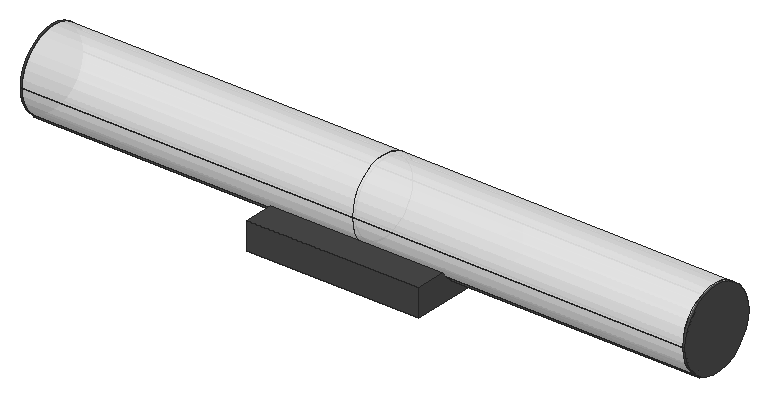
Revit family "3-5012-xx - Fugit (Vanity)", category Lighting Fixtures, host Face, Revit 2017
Family settings
  Host = Face
  Round Connector Dimension = Use Diameter
  Part Type = Normal
  Cut with Voids When Loaded = No
  Light Source = Yes
  Shared = No
  Room Calculation Point = No
Parameters (values of type "3-5012-15 - Fugit")
  Wattage Comments = "21.8W at 120 V"  # constant formula
  Wattage = 21.8 W
  built-in parameter 1150110 = 1 (stored number, unit not read)
  Voltage Input [instance] = "120 V or 277 V - 50/60 Hz"  # constant formula
  URL = "www.oxygenlighting.com"
  built-in parameter 1114217 = 1 (stored number, unit not read)
  Tilt Angle = 180.00°  # constant formula
  built-in parameter 1150109 = 1 (stored number, unit not read)
  built-in parameter 1150134 = (empty or 0)
  built-in parameter 1150113 = 1 (stored number, unit not read)
  References [instance] = "Ref. 3 = 120 V / Ref. 37 = 277 V"  # constant formula
  Photometric Web File = "3-5012 Fugit.ies"
  Other 2 = none
  Other 1 = none
  Model = "3-5012-XX - Fugit"  # constant formula
  Metal Finish = 15 - Black
  Manufacturer = "Oxygen - Lighting & Fans"  # constant formula
  Main Diffuser = Matte White Acrylic
  built-in parameter 1150105 = 119.7 (stored number, unit not read)
  Lumens = 1504.2 lm
  built-in parameter 1150115 = 1 (stored number, unit not read)
  built-in parameter 1150137 = (empty or 0)
  built-in parameter 1150139 = (empty or 0)
  built-in parameter 1150112 = 1 (stored number, unit not read)
  built-in parameter 1150114 = 1 (stored number, unit not read)
  Lamp = "LED Array"  # constant formula
  built-in parameter 1150132 = (empty or 0)
  built-in parameter 1150102 = (empty or 0)
  built-in parameter 1150107 = 3000 (stored number, unit not read)
  built-in parameter 1150138 = (empty or 0)
  built-in parameter 1150106 = 1.197 (stored number, unit not read)
  Emit from Rectangle Width = 22.00"  # constant formula
  built-in parameter 1150128 = 1.00"  # constant formula
  Emit Shape Visible in Rendering = no
  built-in parameter 1150104 = 6.4103 (stored number, unit not read)
  Dimming Lamp Color Temperature Shift = <None>
  Default Elevation = 0.00"
  Color Filter = 16777215
  Emit from Rectangle Length = 12.00"
  built-in parameter 1150133 = 10 (stored number, unit not read)
  2nd Diffuser = none
Types (4): name | Metal Finish
  (no name) | 15 - Black
  3-5012-15 - Fugit | 15 - Black
  3-5012-20 - Fugit | 20 - Polished Nickel
  3-5012-24 - Fugit | 24 - Satin Nickel
Reference planes (in)
  plane 1 "Center (Front/Back)": y = 0
  plane 2: z = 0
  plane 3 "Center (Left/Right)": x = 0
  plane 4 "M.C.": y = 0
  plane 5 "Light Source Height": y = 0
  plane 6 "Light Source Ext.": z = 1.75
Dimensions and locks (in)
  aligned and locked: plane 2 to host face
  aligned and locked: level to host face
  aligned and locked: imposter light to plane 5 "Light Source Height"
  aligned and locked: plane 6 "Light Source Ext." to imposter light
  aligned and locked: plane 3 "Center (Left/Right)" to imposter light
Nested families (in)
  nested 1: "Fugit 5011" at (0, 0, 0), type "Fugit 5011"
Definition of nested family "Fugit 5011"
  Parameters (values of type "Fugit 5011")
    Others 2 = none
    Others 1 = none
    Metal Finish = none
    Main Diffuser = none
    2nd Diffuser = none
  Reference planes (in)
    plane 1 "Center (Front/Back)": y = 0
    plane 2: z = 0
    plane 3 "Center (Left/Right)": x = 0
    plane 4 "Very Bottom": y = -5
    plane 5: z = 1.68803
  Forms (in)
    Extrusion 1, solid, material <- "Metal Finish"
      sketch origin (0, 0, 0) x (1, 0, 0) y (0, 1, 0)
        loop
          line (-3, -2.25) -> (3, -2.25) -> (3, 2.25) -> (-3, 2.25) -> (-3, -2.25)
      from 0 to 0.94
    Extrusion 2, void
      sketch origin (0, 0, 0) x (0, 1, 0) y (0, 0, 1)
        loop
          circle (0, 1.68803) r 1.41732
      from -8.09795 to 12
    Extrusion 3, solid, material <- "Main Diffuser"
      sketch origin (0, 0, 0) x (0, 1, 0) y (0, 0, 1)
        loop
          circle (0, 1.68803) r 1.37795
        loop
          circle (0, 1.68803) r 1.24795
      from 0 to 11.52
    Extrusion 4, solid, material <- "Metal Finish"
      sketch origin (0, 0, 0) x (0, 1, 0) y (0, 0, 1)
        loop
          line (-0.84833, 0.60217) -> (-0.8682, 0.56775)
          arc (-0.8682, 0.56775) -> (0, 0.27071) -> (0.8682, 0.56775) r 1.41732
          line (0.8682, 0.56775) -> (0.84833, 0.60217)
          arc (0.84833, 0.60217) -> (0, 0.31008) -> (-0.84833, 0.60217) r 1.37795
      from 0 to 11.52
    Extrusion 5, solid, material <- "Metal Finish"
      sketch origin (0, 0, 0) x (0, 1, 0) y (0, 0, 1)
        loop
          circle (0, 1.68803) r 1.37795
      from 11.52 to 11.6
    Extrusion 6, solid, material <- "Main Diffuser"
      sketch origin (0, 0, 0) x (0, 1, 0) y (0, 0, -1)
        loop
          circle (0, -1.68803) r 1.37795
        loop
          circle (0, -1.68803) r 1.24795
      from 0 to 11.52
    Extrusion 7, solid, material <- "Metal Finish"
      sketch origin (0, 0, 0) x (0, 1, 0) y (0, 0, -1)
        loop
          arc (-0.84833, -0.60217) -> (0, -0.31008) -> (0.84833, -0.60217) r 1.37795
          line (0.84833, -0.60217) -> (0.8682, -0.56775)
          arc (0.8682, -0.56775) -> (0, -0.27071) -> (-0.8682, -0.56775) r 1.41732
          line (-0.8682, -0.56775) -> (-0.84833, -0.60217)
      from 0 to 11.52
    Extrusion 8, solid, material <- "Metal Finish"
      sketch origin (0, 0, 0) x (0, 1, 0) y (0, 0, -1)
        loop
          circle (0, -1.68803) r 1.37795
      from 11.52 to 11.6
  Cuts and joins
    Extrusion 2 cuts Extrusion 1
    joined: Extrusion 3, Extrusion 6
    joined: Extrusion 4, Extrusion 7
  Lines and regions (in)
    model lines
      curve 1: line (-4, 0, 0) -> (4, 0, 0)
      curve 2: line (0, -4, 0) -> (0, 4, 0)
    symbolic lines
      curve 3: circle (0, 0, 0) r 2 normal (0, 0, 1)
    model lines, not visible
      curve 4: line (-13.0722, 21.77075, 0) -> (-5.0722, 21.77075, 0)
      curve 5: line (-9.0722, 17.77075, 0) -> (-9.0722, 25.77075, 0)
    symbolic lines, not visible
      curve 6: circle (-9.0722, 21.77075, 0) r 2 normal (0, 0, 1)
  Text (in)
    text "M.C." at (0.88973, 1.62995, 0), in view "Ref. Level"
    text "M.C." at (-8.18247, 23.4007, 0), in view "Ref. Level", not visible
  Dimensions and locks (in)
    aligned and locked: plane 2 to level
